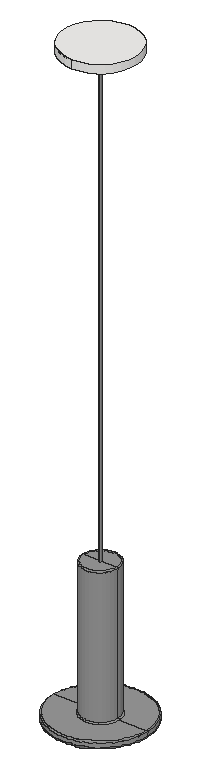
Revit family "Haworth_Cielo_Pendant_OneLight", category Lighting Fixtures, host Ceiling, Revit 2018
Family settings
  Host = Ceiling
  Round Connector Dimension = Use Diameter
  Part Type = Normal
  OmniClass Number = 23.80.70.11
  OmniClass Title = Luminaries for Internal Lighting
  Always vertical = Yes
  Cut with Voids When Loaded = No
  Light Source = Yes
  Shared = No
  Room Calculation Point = No
Parameters (values of type "LEP1-0610")
  Tilt Angle = 90.00°
  Photometric Web File = "generic"
  built-in parameter 1150142 = (empty or 0)
  Lamps Width = 0' - 6"  # constant formula
  Wattage = 8 W
  Warranty = "http://www.haworth.com/resources/product-info/warranties"
  built-in parameter 1150110 = 1 (stored number, unit not read)
  URL - Product = "https://www.haworth.com/products/lighting/pendant/cielo"
  URL = "http://www.haworth.com/our-brands/haworth-collection"
  Trim Finish [instance] = Haworth _ Metal _ Stainless Steel
  built-in parameter 1114217 = 1 (stored number, unit not read)
  built-in parameter 1150109 = 1 (stored number, unit not read)
  built-in parameter 1150134 = (empty or 0)
  built-in parameter 1150113 = 1 (stored number, unit not read)
  Size = "Verify Final Dim. w/ Haworth"  # constant formula
  Revision Number = "1"  # constant formula
  Model = "LEP1-0610"  # constant formula
  Min. Cords Length = 1' - 0"  # constant formula
  Max. Cords Length = 10' - 0"  # constant formula
  Manufacturer = "Haworth"  # constant formula
  Lumens = 384 lm
  built-in parameter 1150115 = 1 (stored number, unit not read)
  built-in parameter 1150105 = 30.558 (stored number, unit not read)
  built-in parameter 1150137 = (empty or 0)
  built-in parameter 1150139 = (empty or 0)
  built-in parameter 1150112 = 1 (stored number, unit not read)
  built-in parameter 1150114 = 1 (stored number, unit not read)
  built-in parameter 1150132 = (empty or 0)
  built-in parameter 1150102 = (empty or 0)
  built-in parameter 1150138 = (empty or 0)
  built-in parameter 1150107 = 3000 (stored number, unit not read)
  built-in parameter 1150106 = 0.30558 (stored number, unit not read)
  Glass Finish = Haworth _ Glass _ Frosted
  Emit from Circle Diameter = 1' - 6"
  Emit Shape Visible in Rendering = no
  built-in parameter 1150104 = 4.4593 (stored number, unit not read)
  Dimming Lamp Color Temperature Shift = <None>
  Description = "Haworth Cielo Pendant Light"
  Lamps Radius = Lamps Width / 2  # 0' - 3"
  Cords Finish = Haworth _ Metal _ Satin Aluminum_Grey-Cord TR-E05
  Color Filter = 16777215
  built-in parameter 1140040 [instance] = 1
  Cable Length [instance] = 2' - 5"
  built-in parameter 1114218 = 1 (stored number, unit not read)
  Author = "Haworth (Alias)"  # constant formula
  built-in parameter 1150133 = 10 (stored number, unit not read)
  Assembly Code = "D5020200"
  Apparent Load = 0 VA
  Actual Cable Length [instance] = if(Cable Length > Max. Cords Length, Max. Cords Length, if(Cable Length < Min. Cords Length, Min. Cords Length, Cable Length))  # 2' - 5"
Reference planes (in)
  plane 1 "Light Source Axis (F/B)": y = 0
  plane 2 "Ceiling": z = 120
  plane 3 "Light Source Axis (L/R)": x = 0
  plane 4 "Light Source Elevation": z = 81.26975
  plane 5 "Back": y = 3
  plane 6 "Front": y = -3
  plane 7 "Left": x = -3
  plane 8 "Right": x = 3
  plane 9 "Bottom Bracket": z = 119.5
  plane 10 "Bottom Lamps": z = 81.46975
  plane 11 "Bottom Cords": z = 90.5
  plane 12 "Middle Lamp": z = 81.85975
  plane 13: x = -1.12439
  plane 14 "Inside Lamp Right": x = 1.12439
Forms (in)
  Extrusion 1, solid, material "Haworth _ Paint _ Collection White"
    sketch origin (0, 0, 81.26975) x (0, -1, 0) y (1, 0, 0)
      loop
        circle (0, 0) r 2.25
    from 38.23025 to 38.73025
  Extrusion 2, solid, material "Haworth _ Metal _ Satin Aluminum_Grey-Cord TR-E05" <- "Cords Finish"
    sketch origin (0, 0, 81.46975) x (0, -1, 0) y (1, 0, 0)
      loop
        circle (0, 0) r 0.07813
    from 9.03025 to 38.03025
  Revolve 3, solid, material "Haworth _ Metal _ Stainless Steel" <- "Trim Finish"
    sketch origin (0, 0, 0) x (1, 0, 0) y (0, 0, 1)
      loop
        line (0, 90.5) -> (0, 81.46975) -> (2.9375, 81.46975)
        arc (2.9375, 81.46975) -> (2.98169, 81.48806) -> (3, 81.53225) r 0.0625
        line (3, 81.53225) -> (3, 81.79725)
        arc (3, 81.79725) -> (2.98169, 81.84144) -> (2.9375, 81.85975) r 0.0625
        line (2.9375, 81.85975) -> (1.18689, 81.85975)
        arc (1.18689, 81.85975) -> (1.14269, 81.87806) -> (1.12439, 81.92225) r 0.0625
        line (1.12439, 81.92225) -> (1.12439, 90.4375)
        arc (1.12439, 90.4375) -> (1.10608, 90.48169) -> (1.06189, 90.5) r 0.0625
        line (1.06189, 90.5) -> (0, 90.5)
      axis (0, 90.5) -> (0, 81.46975)
    angle from 0 to 360
Lines and regions (in)
  Masking region 1
    outline origin (0, 0, 81.26975) x (0, -1, 0) y (1, 0, 0)
      loop
        circle (0, 0) r 3
Dimensions and locks (in)
  equal spacing: host sketch curve, plane 3 "Light Source Axis (L/R)", host sketch curve
  equal spacing: host sketch curve, plane 1 "Light Source Axis (F/B)", host sketch curve
  host sketch curve to host sketch curve = 10' - 0"  (x2)
  locked: plane 2 "Ceiling" to plane 9 "Bottom Bracket" at 0.5
  equal spacing: plane 7 "Left", plane 3 "Light Source Axis (L/R)", plane 8 "Right"  (x2)
  locked: plane 10 "Bottom Lamps" to plane 4 "Light Source Elevation" at 0.2
  equal spacing: plane 5 "Back", plane 1 "Light Source Axis (F/B)", plane 6 "Front"
  "Actual Cable Length": plane 9 "Bottom Bracket" to plane 11 "Bottom Cords"
  "Lamps Width": plane 7 "Left" to plane 8 "Right"
  "Lamps Width": plane 5 "Back" to plane 6 "Front"
  locked: plane 11 "Bottom Cords" to plane 12 "Middle Lamp" at 8.64025
  locked: plane 12 "Middle Lamp" to plane 10 "Bottom Lamps" at 0.39
  radius of Extrusion 1 sketch curve = 0' - 2 1/4"
  aligned and locked: plane 3 "Light Source Axis (L/R)" to imposter light
  aligned and locked: plane 1 "Light Source Axis (F/B)" to imposter light
  aligned and locked: plane 4 "Light Source Elevation" to imposter light
  aligned and locked: plane 2 "Ceiling" to host ceiling
  aligned and locked: plane 2 "Ceiling" to Extrusion 1
  aligned and locked: plane 9 "Bottom Bracket" to Extrusion 1
  aligned and locked: plane 3 "Light Source Axis (L/R)" to Masking region 1 sketch curve
  aligned and locked: plane 1 "Light Source Axis (F/B)" to Masking region 1 sketch curve
  aligned and locked: Extrusion 2 to plane 9 "Bottom Bracket"
  aligned and locked: plane 11 "Bottom Cords" to Extrusion 2
  aligned and locked: plane 3 "Light Source Axis (L/R)" to Extrusion 1 sketch curve
  aligned and locked: plane 1 "Light Source Axis (F/B)" to Extrusion 1 sketch curve
  aligned and locked: plane 3 "Light Source Axis (L/R)" to Revolve 3 sketch curve
  aligned and locked: Revolve 3 sketch curve to plane 14 "Inside Lamp Right"
  aligned and locked: plane 11 "Bottom Cords" to Revolve 3 sketch curve
  aligned and locked: plane 12 "Middle Lamp" to Revolve 3 sketch curve
  aligned and locked: Revolve 3 sketch curve to plane 8 "Right"
  aligned and locked: Revolve 3 sketch curve to plane 10 "Bottom Lamps"
  aligned and locked: Revolve 3 sketch curve to plane 3 "Light Source Axis (L/R)"
  aligned and locked: plane 1 "Light Source Axis (F/B)" to Extrusion 2 sketch curve
  aligned and locked: plane 3 "Light Source Axis (L/R)" to Extrusion 2 sketch curve
Automatic sketch dimensions
  plane 11 "Bottom Cords" to Revolve 3 sketch curve = 0' - 0 1/16"
  Revolve 3 sketch curve to Revolve 3 sketch curve = 0' - 0 1/16"  (x2)
  Revolve 3 sketch curve to plane 8 "Right" = 0' - 0 1/16"
  plane 4 "Light Source Elevation" to Revolve 3 sketch curve = 0' - 3.51975"
  Revolve 3 sketch curve to Revolve 3 sketch curve = 0' - 2 1/2"
  radius of Extrusion 2 sketch curve = 0' - 0 5/64"
  radius of Masking region 1 sketch curve = 0' - 3"
Connectors (in)
  electrical at (0, 0, 120), driven by "Apparent Load"
    settings: on Extrusion 1, index 1, voltage 120 V, apparent load 0 VA, apparent load phase1 0 VA, apparent load phase2 0 VA, apparent load phase3 0 VA, power factor 1, load classification "Other", number of poles 1, system type 31, power factor state 1, is connector primary yes, connector utility no, sub classification motor no, connector description ""
